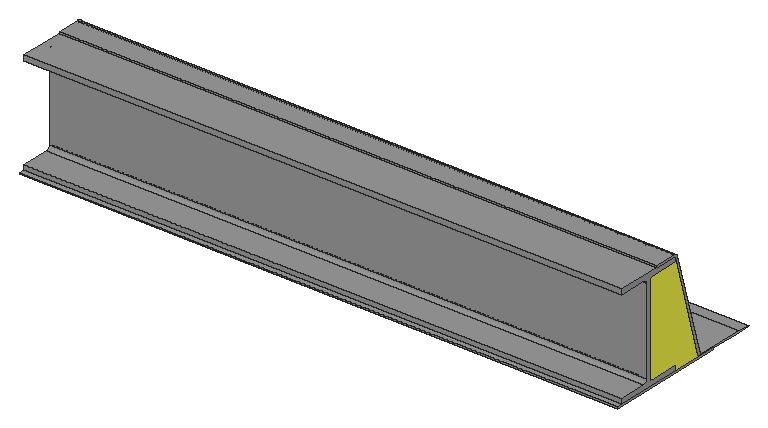
Revit family "XK 110 WOL", category Generic Models, Revit 2014
Parameters (values of type "Max lintel length 6600mm")
  URL = "http://www.keystonelintels.co.uk"
  Structural Opening [instance] = 900 mm
  Structural Performance = "The Keystone lintel range has safe working loads as detailed in each applicable loading table in the Keystone Lintel Guide brochure. The structural performance figures within each table have been ascertained by testing in accordance with the requirements of standards BS EN 5977-2: 1983 and BS EN 845-2: 2003."
  RIBA Productor Selector = "available for Keystone Lintels Ltd from Keystone Lintels Ltd from ribaproductselector.com"
  Model = "X/K 110 WOL"
  Min Length = 600 mm
  Min Clear Span = 300 mm
  Max Length = 6600 mm
  Max Clear Span = 6600 mm
  Material - Stainless Steel = "Grade 304 2b 1.4307 to BS EN 10088-2. Other grades available on request: contact manufacturer."
  Material - Galvanised Steel = "To BS EN 10346: 2009. DX51D plus Z600 or grade Z275 to BS 5977-2: 1983 (BS EN 845-2: 2003)."
  Manufacturer = "Keystone"
  Manufactured Length [instance] = (roundup(Effective Length / 150 mm) * 150 mm)  # 1200 mm
  Lintel height [instance] = 2100 mm
  Keynote = "F30/755"
  Fire Performance = "Keystone lintels have been subjected to a fire test (WARRES No. 101263) in accordance with BS 476-20: 1987, at Exova Warrington Fire and achieved a one hour fire performance."
  End Bearing = 150 mm
  Effective Length [instance] = Clear Opening with MIN MAX set + End Bearing * 2  # 1200 mm
  Corrosion = "Keystone’s standard range of lintels are manufactured from high quality grade pre-galvanized carbon steel with a zinc coating of 600"
  Contact Tel = "+44 (0)28 8676 2184"
  Contact Email = "info@keystonelintels.co.uk"
  Clear Opening with MIN MAX set [instance] = if(Structural Opening < Min Clear Span, Min Clear Span, (if(Structural Opening > Max Clear Span, Max Clear Span, Structural Opening)))  # 900 mm
  CPD Information = "Available for Keystone Lintels Ltd from ribacpd.com"
Reference planes
  plane 1 "Center (Front/Back)": y = 0
  plane 2: z = 0
  plane 3 "Center (Left/Right)": x = 0
  plane 4: x = -600
  plane 5: x = 600
  plane 6: z = 2100
  plane 7: x = -450
  plane 8: x = 450
Forms (mm)
  Extrusion 1, solid, material "Steel"
    sketch origin (0, 706.549, -506.841) x (0, 1, 0) y (0, 0, 1)
      loop
        line (-578.022, 2606.841) -> (-553.037, 2605.979) -> (-552.982, 2609.179) -> (-577.967, 2610.041) -> (-673.869, 2610.041)
        arc (-673.869, 2610.041) -> (-674.959, 2610.409) -> (-675.604, 2611.362) r 1.8
        line (-675.604, 2611.362) -> (-731.325, 2813.026)
        arc (-731.325, 2813.026) -> (-733.188, 2815.779) -> (-736.337, 2816.841) r 5.2
        line (-736.337, 2816.841) -> (-782.037, 2816.841) -> (-782.037, 2813.641) -> (-736.337, 2813.641)
        arc (-736.337, 2813.641) -> (-735.126, 2813.233) -> (-734.409, 2812.174) r 2
        line (-734.409, 2812.174) -> (-678.688, 2610.509)
        arc (-678.688, 2610.509) -> (-676.897, 2607.863) -> (-673.869, 2606.841) r 5
        line (-673.869, 2606.841) -> (-578.022, 2606.841)
    from -600 to 600
  Extrusion 2, solid, material "Steel"
    sketch origin (0, 706.549, -506.841) x (0, 1, 0) y (0, 0, 1)
      loop
        line (-880.991, 2603.641) -> (-640.991, 2603.641) -> (-640.991, 2606.841) -> (-880.991, 2606.841) -> (-880.991, 2603.641)
    from -600 to 600
  Extrusion 3, solid, material "Steel"
    sketch origin (0, 706.549, -506.841) x (0, 1, 0) y (0, 0, 1)
      loop
        line (-737.091, 2616.441) -> (-793.241, 2616.441)
        arc (-793.241, 2616.441) -> (-798.615, 2618.667) -> (-800.841, 2624.041) r 7.6
        line (-800.841, 2624.041) -> (-800.841, 2796.441)
        arc (-800.841, 2796.441) -> (-798.615, 2801.815) -> (-793.241, 2804.041) r 7.6
        line (-793.241, 2804.041) -> (-737.091, 2804.041) -> (-737.091, 2813.641) -> (-870.991, 2813.641) -> (-870.991, 2804.041) -> (-814.841, 2804.041)
        arc (-814.841, 2804.041) -> (-809.467, 2801.815) -> (-807.241, 2796.441) r 7.6
        line (-807.241, 2796.441) -> (-807.241, 2624.041)
        arc (-807.241, 2624.041) -> (-809.467, 2618.667) -> (-814.841, 2616.441) r 7.6
        line (-814.841, 2616.441) -> (-870.991, 2616.441) -> (-870.991, 2606.841) -> (-737.091, 2606.841) -> (-737.091, 2616.441)
    from -600 to 600
  Extrusion 4, solid, material "Insulation"
    sketch origin (0, 706.549, -506.841) x (0, 1, 0) y (0, 0, 1)
      loop
        arc (-673.869, 2606.841) -> (-676.897, 2607.863) -> (-678.688, 2610.509) r 5
        line (-678.688, 2610.509) -> (-734.409, 2812.174)
        arc (-734.409, 2812.174) -> (-735.454, 2813.435) -> (-737.091, 2813.494) r 2
        line (-737.091, 2813.494) -> (-737.091, 2804.041) -> (-793.241, 2804.041)
        arc (-793.241, 2804.041) -> (-798.615, 2801.815) -> (-800.841, 2796.441) r 7.6
        line (-800.841, 2796.441) -> (-800.841, 2624.041)
        arc (-800.841, 2624.041) -> (-798.615, 2618.667) -> (-793.241, 2616.441) r 7.6
        line (-793.241, 2616.441) -> (-737.091, 2616.441) -> (-737.091, 2606.841) -> (-673.869, 2606.841)
    from -600 to 600
  Extrusion 5, solid, not visible
    sketch origin (0, 918.107, 1157.518) x (0, 1, 0) y (0, 0, 1)
      loop
        line (-578.022, 1006.841) -> (-553.037, 1005.979) -> (-552.982, 1009.179) -> (-577.967, 1010.041) -> (-673.869, 1010.041)
        arc (-673.869, 1010.041) -> (-674.959, 1010.409) -> (-675.604, 1011.362) r 1.8
        line (-675.604, 1011.362) -> (-731.325, 1213.026)
        arc (-731.325, 1213.026) -> (-733.188, 1215.779) -> (-736.337, 1216.841) r 5.2
        line (-736.337, 1216.841) -> (-782.037, 1216.841) -> (-782.037, 1213.641) -> (-736.337, 1213.641)
        arc (-736.337, 1213.641) -> (-735.126, 1213.233) -> (-734.409, 1212.174) r 2
        line (-734.409, 1212.174) -> (-678.688, 1010.509)
        arc (-678.688, 1010.509) -> (-676.897, 1007.863) -> (-673.869, 1006.841) r 5
        line (-673.869, 1006.841) -> (-578.022, 1006.841)
    from 0 to 250
  Extrusion 6, solid, not visible
    sketch origin (0, 589.64, 1174.803) x (0, 1, 0) y (0, 0, 1)
      loop
        line (-737.091, 1016.441) -> (-793.241, 1016.441)
        arc (-793.241, 1016.441) -> (-798.615, 1018.667) -> (-800.841, 1024.041) r 7.6
        line (-800.841, 1024.041) -> (-800.841, 1196.441)
        arc (-800.841, 1196.441) -> (-798.615, 1201.815) -> (-793.241, 1204.041) r 7.6
        line (-793.241, 1204.041) -> (-737.091, 1204.041) -> (-737.091, 1213.641) -> (-870.991, 1213.641) -> (-870.991, 1204.041) -> (-814.841, 1204.041)
        arc (-814.841, 1204.041) -> (-809.467, 1201.815) -> (-807.241, 1196.441) r 7.6
        line (-807.241, 1196.441) -> (-807.241, 1024.041)
        arc (-807.241, 1024.041) -> (-809.467, 1018.667) -> (-814.841, 1016.441) r 7.6
        line (-814.841, 1016.441) -> (-870.991, 1016.441) -> (-870.991, 1006.841) -> (-737.091, 1006.841) -> (-737.091, 1016.441)
    from 0 to 250
  Extrusion 7, solid, not visible
    sketch origin (0, 963.531, 985.257) x (0, 1, 0) y (0, 0, 1)
      loop
        line (-880.991, 1003.641) -> (-640.991, 1003.641) -> (-640.991, 1006.841) -> (-880.991, 1006.841) -> (-880.991, 1003.641)
    from 0 to 250
  Extrusion 8, solid, not visible
    sketch origin (0, 554.005, 799.442) x (0, 1, 0) y (0, 0, 1)
      loop
        arc (-673.869, 1006.841) -> (-676.897, 1007.863) -> (-678.688, 1010.509) r 5
        line (-678.688, 1010.509) -> (-734.409, 1212.174)
        arc (-734.409, 1212.174) -> (-735.454, 1213.435) -> (-737.091, 1213.494) r 2
        line (-737.091, 1213.494) -> (-737.091, 1204.041) -> (-793.241, 1204.041)
        arc (-793.241, 1204.041) -> (-798.615, 1201.815) -> (-800.841, 1196.441) r 7.6
        line (-800.841, 1196.441) -> (-800.841, 1024.041)
        arc (-800.841, 1024.041) -> (-798.615, 1018.667) -> (-793.241, 1016.441) r 7.6
        line (-793.241, 1016.441) -> (-737.091, 1016.441) -> (-737.091, 1006.841) -> (-673.869, 1006.841)
    from 0 to 250
Dimensions and locks
  equal spacing: plane 4, plane 3 "Center (Left/Right)", plane 5
  "Manufactured Length": plane 4 to plane 5
  "Lintel height": plane 6 to level
  "Structural Opening": plane 7 to plane 8
  equal spacing: plane 7, plane 3 "Center (Left/Right)", plane 8
  aligned and locked: level to plane 2
  aligned and locked: Extrusion 1 to plane 6
  aligned and locked: Extrusion 4 to plane 6
  aligned and locked: Extrusion 3 to plane 6
  aligned and locked: plane 6 to Extrusion 2
  aligned and locked: plane 5 to Extrusion 3
  aligned and locked: Extrusion 3 to plane 4
  aligned and locked: plane 5 to Extrusion 1
  aligned and locked: Extrusion 1 to plane 4
  aligned and locked: plane 5 to Extrusion 2
  aligned and locked: Extrusion 2 to plane 4
  aligned and locked: plane 5 to Extrusion 4
  aligned and locked: Extrusion 4 to plane 4
Automatic sketch dimensions
  Extrusion 1 sketch curve to Extrusion 1 sketch curve = 24.985 mm
  Extrusion 1 sketch curve to Extrusion 1 sketch curve = 0.055 mm  (x2)
  Extrusion 1 sketch curve to Extrusion 1 sketch curve = 0.862 mm
  Extrusion 1 sketch curve to Extrusion 1 sketch curve = 3.2 mm  (x2)
  Extrusion 1 sketch curve to Extrusion 1 sketch curve = 95.847 mm
  Extrusion 1 sketch curve to Extrusion 1 sketch curve = 0 mm  (x8)
  Extrusion 1 sketch curve to Extrusion 1 sketch curve = 1.8 mm
  Extrusion 1 sketch curve to Extrusion 1 sketch curve = 4.819 mm
  Extrusion 1 sketch curve to Extrusion 1 sketch curve = 1.735 mm
  Extrusion 1 sketch curve to Extrusion 1 sketch curve = 55.721 mm
  Extrusion 1 sketch curve to Extrusion 1 sketch curve = 201.664 mm
  Extrusion 1 sketch curve to Extrusion 1 sketch curve = 3.084 mm
  Extrusion 1 sketch curve to Extrusion 1 sketch curve = 0.852 mm
  Extrusion 1 sketch curve to Extrusion 1 sketch curve = 1.928 mm
  Extrusion 1 sketch curve to Extrusion 1 sketch curve = 0.533 mm
  Extrusion 1 sketch curve to Extrusion 1 sketch curve = 45.7 mm
  Extrusion 2 sketch curve to Extrusion 2 sketch curve = 240 mm
  Extrusion 2 sketch curve to Extrusion 2 sketch curve = 3.2 mm
  Extrusion 3 sketch curve to Extrusion 3 sketch curve = 56.15 mm  (x2)
  Extrusion 3 sketch curve to Extrusion 3 sketch curve = 9.6 mm  (x3)
  Extrusion 3 sketch curve to Extrusion 3 sketch curve = 77.75 mm
  Extrusion 3 sketch curve to Extrusion 3 sketch curve = 21.6 mm
  Extrusion 3 sketch curve to Extrusion 3 sketch curve = 7.6 mm  (x4)
  Extrusion 3 sketch curve to Extrusion 3 sketch curve = 172.4 mm
  Extrusion 3 sketch curve to Extrusion 3 sketch curve = 0 mm
  Extrusion 3 sketch curve to Extrusion 3 sketch curve = 63.75 mm
  Extrusion 4 sketch curve to Extrusion 4 sketch curve = 4.819 mm
  Extrusion 4 sketch curve to Extrusion 4 sketch curve = 58.402 mm
  Extrusion 4 sketch curve to Extrusion 4 sketch curve = 0 mm
  Extrusion 4 sketch curve to Extrusion 4 sketch curve = 1.332 mm
  Extrusion 4 sketch curve to Extrusion 4 sketch curve = 9.6 mm
  Extrusion 4 sketch curve to Extrusion 4 sketch curve = 56.15 mm  (x2)
  Extrusion 4 sketch curve to Extrusion 4 sketch curve = 7.6 mm  (x2)
  Extrusion 4 sketch curve to Extrusion 4 sketch curve = 172.4 mm
  Extrusion 4 sketch curve to Extrusion 4 sketch curve = 9.453 mm
  Extrusion 4 sketch curve to Extrusion 4 sketch curve = 0.753 mm
  Extrusion 4 sketch curve to Extrusion 4 sketch curve = 0.533 mm
  Extrusion 4 sketch curve to Extrusion 4 sketch curve = 5.932 mm
  Extrusion 4 sketch curve to Extrusion 4 sketch curve = 1.853 mm
  Extrusion 5 sketch curve to Extrusion 5 sketch curve = 24.985 mm
  Extrusion 5 sketch curve to Extrusion 5 sketch curve = 0.055 mm  (x2)
  Extrusion 5 sketch curve to Extrusion 5 sketch curve = 0.862 mm
  Extrusion 5 sketch curve to Extrusion 5 sketch curve = 3.2 mm  (x2)
  Extrusion 5 sketch curve to Extrusion 5 sketch curve = 95.847 mm
  Extrusion 5 sketch curve to Extrusion 5 sketch curve = 0 mm  (x8)
  Extrusion 5 sketch curve to Extrusion 5 sketch curve = 1.8 mm
  Extrusion 5 sketch curve to Extrusion 5 sketch curve = 4.819 mm
  Extrusion 5 sketch curve to Extrusion 5 sketch curve = 1.735 mm
  Extrusion 5 sketch curve to Extrusion 5 sketch curve = 55.721 mm
  Extrusion 5 sketch curve to Extrusion 5 sketch curve = 201.664 mm
  Extrusion 5 sketch curve to Extrusion 5 sketch curve = 3.084 mm
  Extrusion 5 sketch curve to Extrusion 5 sketch curve = 0.852 mm
  Extrusion 5 sketch curve to Extrusion 5 sketch curve = 1.928 mm
  Extrusion 5 sketch curve to Extrusion 5 sketch curve = 0.533 mm
  Extrusion 5 sketch curve to Extrusion 5 sketch curve = 45.7 mm
  Extrusion 6 sketch curve to Extrusion 6 sketch curve = 56.15 mm  (x2)
  Extrusion 6 sketch curve to Extrusion 6 sketch curve = 9.6 mm  (x3)
  Extrusion 6 sketch curve to Extrusion 6 sketch curve = 77.75 mm
  Extrusion 6 sketch curve to Extrusion 6 sketch curve = 21.6 mm
  Extrusion 6 sketch curve to Extrusion 6 sketch curve = 7.6 mm  (x4)
  Extrusion 6 sketch curve to Extrusion 6 sketch curve = 172.4 mm
  Extrusion 6 sketch curve to Extrusion 6 sketch curve = 0 mm
  Extrusion 6 sketch curve to Extrusion 6 sketch curve = 63.75 mm
  Extrusion 7 sketch curve to Extrusion 7 sketch curve = 240 mm
  Extrusion 7 sketch curve to Extrusion 7 sketch curve = 3.2 mm
  Extrusion 8 sketch curve to Extrusion 8 sketch curve = 4.819 mm
  Extrusion 8 sketch curve to Extrusion 8 sketch curve = 58.402 mm
  Extrusion 8 sketch curve to Extrusion 8 sketch curve = 0 mm
  Extrusion 8 sketch curve to Extrusion 8 sketch curve = 1.332 mm
  Extrusion 8 sketch curve to Extrusion 8 sketch curve = 9.6 mm
  Extrusion 8 sketch curve to Extrusion 8 sketch curve = 56.15 mm  (x2)
  Extrusion 8 sketch curve to Extrusion 8 sketch curve = 7.6 mm  (x2)
  Extrusion 8 sketch curve to Extrusion 8 sketch curve = 172.4 mm
  Extrusion 8 sketch curve to Extrusion 8 sketch curve = 9.453 mm
  Extrusion 8 sketch curve to Extrusion 8 sketch curve = 0.753 mm
  Extrusion 8 sketch curve to Extrusion 8 sketch curve = 0.533 mm
  Extrusion 8 sketch curve to Extrusion 8 sketch curve = 5.932 mm
  Extrusion 8 sketch curve to Extrusion 8 sketch curve = 1.853 mm
  Extrusion 4 sketch curve to plane 6 = 0 mm
  plane 1 "Center (Front/Back)" to Extrusion 4 sketch curve = 94.292 mm
  Extrusion 2 sketch curve to plane 6 = 0 mm
  plane 1 "Center (Front/Back)" to Extrusion 2 sketch curve = 174.442 mm
  Extrusion 3 sketch curve to plane 6 = 0 mm
  plane 1 "Center (Front/Back)" to Extrusion 3 sketch curve = 164.442 mm
  Extrusion 1 sketch curve to plane 6 = 0 mm
  plane 1 "Center (Front/Back)" to Extrusion 1 sketch curve = 75.488 mm
